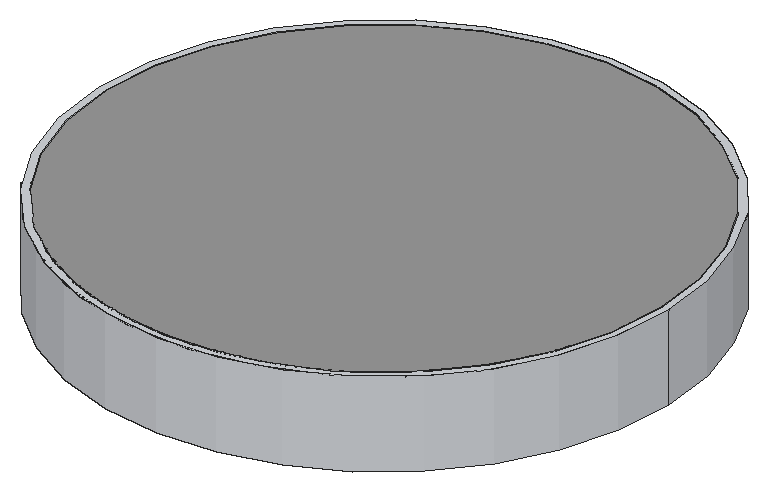
Revit family "2071153", category Lighting Fixtures, host Face, Revit 2018
Family settings
  Host = Face
  Round Connector Dimension = Use Diameter
  Part Type = Normal
  OmniClass Number = 23.80.70.00
  OmniClass Title = Lighting
  Cut with Voids When Loaded = No
  Light Source = Yes
  Shared = No
  Room Calculation Point = No
Parameters (values of type "2071153 COLOSSAL 400 940 OP DIR+H WHT DALI")
  iner diameter = 390 mm
  Weight = "n/a"
  Wattage Comments = ""
  Wattage = 30 W
  WarrantyStartDate [instance] = "n/a"
  WarrantyGuarantorParts = "n/a"
  WarrantyDurationUnit = "n/a"
  WarrantyDurationParts = ""
  WarrantyDescription = "http://www.sylvania-lighting.com"
  built-in parameter 1150110 = 1 (stored number, unit not read)
  Voltage = 230 V
  URL = "0.95"
  TypeName = "COLOSSAL 400mm 940 OPAL DIR+HAL WHITE DALI"
  Type Image = <None>
  Type Comments = "n/a"
  built-in parameter 1114217 = 1 (stored number, unit not read)
  Tilt Angle = -90.00°
  built-in parameter 1150109 = 1 (stored number, unit not read)
  built-in parameter 1150134 = (empty or 0)
  built-in parameter 1150113 = 1 (stored number, unit not read)
  SerialNumber [instance] = "n/a"
  Photometric Web File = "2071153.ies"
  Material_3_SYL = LED-Sylvania
  PowerFactor = 0
  PowerConsumption = "Lighting"
  NominalLength = 400 mm
  NominalHeight = 93 mm
  NominalDepth = 400 mm
  Name = "COLOSSAL 400mm 940 OPAL DIR+HAL WHITE DALI"
  ModelReference = Name  # "COLOSSAL 400mm 940 OPAL DIR+HAL WHITE DALI"
  ModelNumber = "2071153"
  Model = Name  # "COLOSSAL 400mm 940 OPAL DIR+HAL WHITE DALI"
  Material = "Feilo Sylvania"
  ManufacturerName = "110 lm/W"
  Manufacturer = ""
  LuminousEfficacy = ""
  built-in parameter 1150105 = 270.44 (stored number, unit not read)
  Lumens = 3398.4 lm
  LuminaireType = "0"
  built-in parameter 1150115 = 1 (stored number, unit not read)
  LightOutputRatio = "LED"
  built-in parameter 1150137 = (empty or 0)
  built-in parameter 1150139 = (empty or 0)
  LampsType = Lamp  # "n/a"
  LampNominalLuminous = "4000 K"
  LampMacAdamStep = "90"
  LampColourTemperature = "LED"
  LampColourRenderingIndex = "16500"
  built-in parameter 1150112 = 1 (stored number, unit not read)
  built-in parameter 1150114 = 1 (stored number, unit not read)
  Lamp = "n/a"
  Keynote = "n/a"
  InstallationDate [instance] = "n/a"
  InputVoltage = "0"
  InputNominalFrequency = "4000"
  built-in parameter 1150132 = (empty or 0)
  built-in parameter 1150102 = (empty or 0)
  built-in parameter 1150107 = 3000 (stored number, unit not read)
  built-in parameter 1150138 = (empty or 0)
  IngressProtection = "IfcLightFixtureType"
  ImpactProtectionIndex = "IfcLightFixtureType"
  built-in parameter 1150106 = 2.7044 (stored number, unit not read)
  IfcExportType = "IfcLightFixtureType"
  IfcExportAs = "Class I"
  Emit from Circle Diameter = 385 mm
  Emit Shape Visible in Rendering = no
  ElectricShockClassification = "110"
  built-in parameter 1150104 = 10.524 (stored number, unit not read)
  DocumentationLiterature = "http://www.sylvania-lighting.com/product/en-int/products/2071153"
  DimmingControlOptions = "n/a"
  Material_2_SYL = Polycarbonate_Sylvania_White
  Dimming Lamp Color Temperature Shift = <None>
  Description = "400mm diameter circular architectural luminaire, can be surface mounted or suspended. Powder coated aluminium housing (RAL9016) with polycarbonate opal diffuser. Direct/indirect (halo) light distribution, 2280lm luminuous flux, 20.7W system power, 110lm/W luminiaire efficacy. DALI dimmable. Colour rendering index Ra >90, 4000K Neutral White LED, chromaticity tolerance of 3-step MacAdam ellipse. IP40, IK03. 450mA drive current. Electrical protection Class1, 220-240V. Reported lifetime 66k hours L90B10."
  Default Elevation = 1219.2 mm
  CreatedOn = "22/03/2022"
  CreatedBy = "@sylvania-lighting.com"
  Cost = 0
  Color Filter = 16777215
  built-in parameter 1114216 [instance] = (empty or 0)
  ClassificationValue = "EF_70_80"
  ClassificationName = "Uniclass2015"
  Material_1_SYL = Polycarbonate_Sylvania_Opal
  BarCode [instance] = "n/a"
  built-in parameter 1114218 = 1 (stored number, unit not read)
  built-in parameter 1150133 = 10 (stored number, unit not read)
  AssetType = "Fixed"
  AssetIdentifier [instance] = "n/a"
  Assembly Code = "D5020200"
  Apparent Load = 20.7 VA
  Material_4_SYL = none
Reference planes
  plane 1 "Center (Front/Back)": y = 0
  plane 2: z = 0
  plane 3 "Center (Left/Right)": x = 0
  plane 4: x = -200
  plane 5: x = 200
  plane 6: y = 200
  plane 7: y = -200
  plane 8: y = 236
  plane 9: y = -236
  plane 10: z = 93
  plane 11: y = 195
  plane 12: y = -195
  plane 13: y = 90.5
  plane 14: y = 144.5
  plane 15: through (52.25, 90.5, 1219.2) normal (0.866, 0.5, 0)
  plane 16: through (52.25, 90.5, 1219.2) normal (0.866, 0.5, 0)
  plane 17: through (63.706, 126.657, 1219.2) normal (0.866, 0.5, 0)
  plane 18: through (-104.5, 0, 1219.2) normal (-0.866, 0.5, 0)
  plane 19: through (-142.394, -9.633, 1219.2) normal (-0.866, 0.5, 0)
  plane 20: y = -90.5
  plane 21: y = -118.5
  plane 22: through (85.371, -141.133, 1219.2) normal (-0.866, 0.5, 0)
  plane 23: through (52.25, -90.5, 1219.2) normal (-0.866, 0.5, 0)
  plane 24: through (-161.658, 0, 1219.2) normal (0.866, 0.5, 0)
  plane 25: through (-172.12, 9.121, 1219.2) normal (0.866, 0.5, 0)
  plane 26: through (-104.5, 0, 1219.2) normal (0.866, 0.5, 0)
Forms (mm)
  Extrusion 1, solid, detail levels medium+fine
    sketch origin (0, 0, 0) x (1, 0, 0) y (0, 1, 0)
      loop
        circle (0, 0) r 200
    from 33.023 to 93
  Extrusion 2, void
    sketch origin (0, 0, 0) x (1, 0, 0) y (0, 1, 0)
      loop
        circle (0, 0) r 195
    from 93 to 37.292
  Extrusion 3, solid, material "Glass, White, High Luminance", detail levels fine
    sketch origin (0, 0, 0) x (1, 0, 0) y (0, 1, 0)
      loop
        circle (0, 0) r 195
    from 88.026 to 93
  Extrusion 4, solid, detail levels coarse
    sketch origin (0, 0, 0) x (1, 0, 0) y (0, 1, 0)
      loop
        line (-200, 200) -> (-200, -200) -> (200, -200) -> (200, 200) -> (-200, 200)
    from 0 to 93
  Blend 5, solid, detail levels medium+fine
    base sketch origin (0, 0, 0) x (1, 0, 0) y (0, 1, 0)
      loop
        line (-52.25, 90.5) -> (-104.5, 0) -> (-52.25, -90.5) -> (52.25, -90.5) -> (104.5, 0) -> (52.25, 90.5) -> (-52.25, 90.5)
    top sketch origin (0, 0, 0) x (1, 0, 0) y (0, 1, 0)
      loop
        line (-53.405, 144.5) -> (-149.245, -21.5) -> (-93.242, -118.5) -> (98.438, -118.5) -> (151.843, -26) -> (53.405, 144.5) -> (-53.405, 144.5)
    from 0 to 33.023
Cuts and joins
  Extrusion 2 cuts Extrusion 1
Dimensions and locks
  "NominalDepth": plane 6 to plane 7
  "NominalLength": plane 4 to plane 5
  equal spacing: plane 4, plane 3 "Center (Left/Right)", plane 5
  "iner diameter": plane 11 to plane 12
  equal spacing: plane 11, plane 1 "Center (Front/Back)", plane 12
  equal spacing: plane 6, plane 1 "Center (Front/Back)", plane 7
  "NominalHeight": plane 10 to level
  plane 19 to plane 18 = 28 mm
  radius of Extrusion 2 sketch curve = 195 mm
  aligned and locked: plane 2 to host face
  aligned and locked: level to host face
Automatic sketch dimensions
  host sketch curve to host sketch curve = 2438.4 mm  (x2)
  plane 1 "Center (Front/Back)" to Extrusion 1 sketch curve = 0 mm
  Extrusion 1 sketch curve to plane 3 "Center (Left/Right)" = 0 mm
  plane 1 "Center (Front/Back)" to Extrusion 2 sketch curve = 0 mm
  Extrusion 2 sketch curve to plane 3 "Center (Left/Right)" = 0 mm
  plane 1 "Center (Front/Back)" to Extrusion 3 sketch curve = 0 mm
  Extrusion 3 sketch curve to plane 3 "Center (Left/Right)" = 0 mm
  Extrusion 4 sketch curve to plane 4 = 0 mm
  Extrusion 4 sketch curve to plane 5 = 0 mm
  Extrusion 4 sketch curve to plane 7 = 0 mm
  Extrusion 4 sketch curve to plane 6 = 0 mm
  Blend 5 sketch curve to plane 19 = 0 mm  (x2)
  Blend 5 sketch curve to plane 24 = 0 mm  (x2)
  Blend 5 sketch curve to plane 21 = 0 mm
  Blend 5 sketch curve to plane 14 = 0 mm
  Blend 5 sketch curve to plane 17 = 0 mm  (x2)
  Blend 5 sketch curve to plane 22 = 0 mm  (x2)
  radius of Extrusion 1 sketch curve = 200 mm
  radius of Extrusion 3 sketch curve = 195 mm
Connectors
  electrical at (0, 0, 0), driven by "Apparent Load", driven by "PowerFactor", driven by "Voltage"
    settings: index 1, voltage 230 V, apparent load 20.7 VA, apparent load phase1 0 VA, apparent load phase2 0 VA, apparent load phase3 0 VA, power factor 0, load classification "Lighting", number of poles 1, system type 30, power factor state 1, is connector primary yes, connector utility no, sub classification motor no, connector description ""
